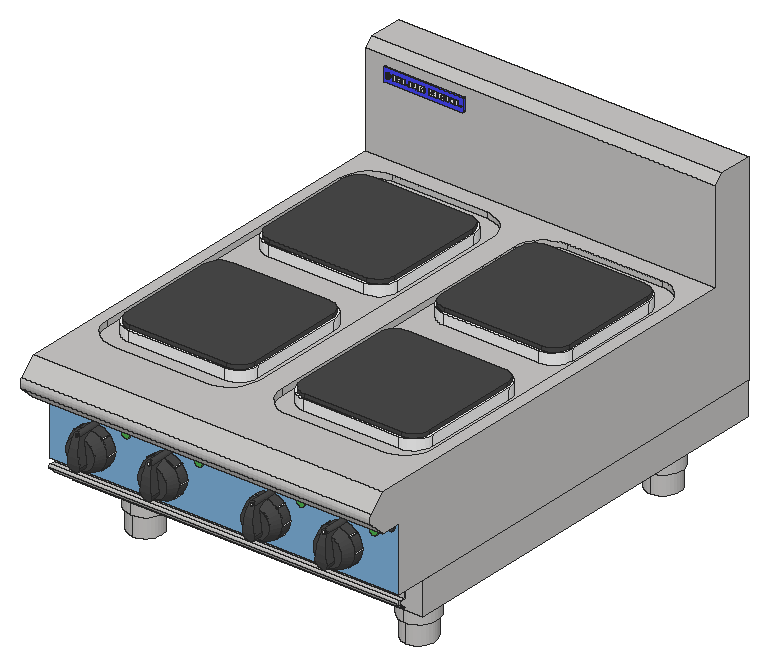
Revit family "QF_Moffat_E514S-B_Electric_Cooktop_cat", category Specialty Equipment, Revit 2019
Family settings
  Round Connector Dimension = Use Diameter
  Part Type = Normal
  Work Plane-Based = No
  Always vertical = Yes
  Cut with Voids When Loaded = No
  Shared = No
  Room Calculation Point = No
Parameters (values of type "E514S-B")
  Weight in Kilograms = 74
  Watts = 8800 W
  Volts = 400 V
  URL Cutsheet = ""
  Specification by User = ""
  Specification by Manufacturer = ""
  Show Logo [instance] = yes
  Serial Number = ""
  Seismic Rating = ""
  SMACNA No = ""
  Revision Code = ""
  Phase = 2
  Number of Poles = 1
  NAFEM Spec ID Number = ""
  Model = "E514S-B"
  Min Ckt Ampacity = 0 A
  Max Overcurrent Protection = 0 A
  Masterspec = ""
  Manufacturer = "Moffat"
  Length = 600 mm
  Item Number = ""
  Installed By = ""
  Identify Quantity as Lot = yes
  Height = 485 mm
  HP = ""
  Furnished By = ""
  Foodservice Equipment Identifier = yes
  FL Amps = 22 A
  Electrical Remarks = ""
  Electric Connection Type = ""
  Elec Conn RI Height = 0 mm
  Elec Conn Connection Height = 0 mm
  Description = "Electric Cooktop"
  Depth = 812.2 mm
  Cycle = 50 Hz
  Conn Plug = ""
  Conn Conduit = yes
  CSI MasterFormat = ""
  Apparent Power = if(Phase = 3, Volts * FL Amps * 1.73, Volts * FL Amps)  # 8800 VA
Reference planes
  plane 1 "BACK": y = 0
  plane 2: z = 0
  plane 3 "LEFT": x = 0
  plane 4 "RIGHT": x = 600
  plane 5 "FRONT": y = -812.2
  plane 6 "TOP": z = 485
  plane 7 "Center Y": x = 300
  plane 8 "Center X": y = -406.1
  plane 9: x = 65.5
  plane 10: x = 87.5
  plane 11: x = 211.766
  plane 12: y = -30
  plane 13: x = 470
  plane 14: x = 512.5
  plane 15: x = 388.234
  plane 16: x = 534.5
Forms (mm)
  Extrusion 1, solid, material "QF_Metal_Stainless_Polished"
    sketch origin (0, 0, 0) x (0, 1, 0) y (0, 0, 1)
      loop
        line (0, 140) -> (0, 485) -> (-57, 485) -> (-70, 472) -> (-70, 314.5) -> (-784.171, 314.5) -> (-808.685, 289.985)
        arc (-808.685, 289.985) -> (-812.2, 281.5) -> (-808.685, 273.015) r 12
        line (-808.685, 273.015) -> (-785.171, 249.5) -> (-749, 249.5) -> (-749, 140) -> (0, 140)
    from 0 to 600
  Extrusion 2, void
    sketch origin (0, -783.97, 314.5) x (0, 1, 0) y (-1, 0, 0)
      loop
        arc (683.77, -69) -> (669.125, -33.645) -> (633.77, -19) r 50
        line (633.77, -19) -> (133.569, -19)
        arc (133.569, -19) -> (98.214, -33.645) -> (83.569, -69) r 50
        line (83.569, -69) -> (83.569, -231)
        arc (83.569, -231) -> (98.214, -266.355) -> (133.569, -281) r 50
        line (133.569, -281) -> (633.77, -281)
        arc (633.77, -281) -> (669.125, -266.355) -> (683.77, -231) r 50
        line (683.77, -231) -> (683.77, -69)
      loop
        line (683.77, -531) -> (683.77, -369)
        arc (683.77, -369) -> (669.125, -333.645) -> (633.77, -319) r 50
        line (633.77, -319) -> (133.569, -319)
        arc (133.569, -319) -> (98.214, -333.645) -> (83.569, -369) r 50
        line (83.569, -369) -> (83.569, -531)
        arc (83.569, -531) -> (98.214, -566.355) -> (133.569, -581) r 50
        line (133.569, -581) -> (633.77, -581)
        arc (633.77, -581) -> (669.125, -566.355) -> (683.77, -531) r 50
    from 0 to -9.5
  Extrusion 3, solid, material "QF_Plastic_White_Smooth"
    sketch origin (0, -783.97, 305) x (0, 1, 0) y (-1, 0, 0)
      loop
        arc (647.77, -68) -> (638.397, -45.373) -> (615.77, -36) r 32
        line (615.77, -36) -> (451.569, -36)
        arc (451.569, -36) -> (428.942, -45.373) -> (419.569, -68) r 32
        line (419.569, -68) -> (419.569, -232)
        arc (419.569, -232) -> (428.942, -254.627) -> (451.569, -264) r 32
        line (451.569, -264) -> (615.77, -264)
        arc (615.77, -264) -> (638.397, -254.627) -> (647.77, -232) r 32
        line (647.77, -232) -> (647.77, -68)
      loop
        arc (347.569, -68) -> (338.197, -45.373) -> (315.569, -36) r 32
        line (315.569, -36) -> (151.569, -36)
        arc (151.569, -36) -> (128.942, -45.373) -> (119.569, -68) r 32
        line (119.569, -68) -> (119.569, -232)
        arc (119.569, -232) -> (128.942, -254.627) -> (151.569, -264) r 32
        line (151.569, -264) -> (315.569, -264)
        arc (315.569, -264) -> (338.197, -254.627) -> (347.569, -232) r 32
        line (347.569, -232) -> (347.569, -68)
      loop
        arc (647.77, -368) -> (638.397, -345.373) -> (615.77, -336) r 32
        line (615.77, -336) -> (451.77, -336)
        arc (451.77, -336) -> (429.143, -345.373) -> (419.77, -368) r 32
        line (419.77, -368) -> (419.77, -532)
        arc (419.77, -532) -> (429.143, -554.627) -> (451.77, -564) r 32
        line (451.77, -564) -> (615.77, -564)
        arc (615.77, -564) -> (638.397, -554.627) -> (647.77, -532) r 32
        line (647.77, -532) -> (647.77, -368)
      loop
        arc (347.77, -368) -> (338.397, -345.373) -> (315.77, -336) r 32
        line (315.77, -336) -> (151.569, -336)
        arc (151.569, -336) -> (128.942, -345.373) -> (119.569, -368) r 32
        line (119.569, -368) -> (119.569, -532)
        arc (119.569, -532) -> (128.942, -554.627) -> (151.569, -564) r 32
        line (151.569, -564) -> (315.77, -564)
        arc (315.77, -564) -> (338.397, -554.627) -> (347.77, -532) r 32
        line (347.77, -532) -> (347.77, -368)
    from 0 to 17.8
  Extrusion 4, solid, material "QF_Plastic_Black_Smooth"
    sketch origin (0, -783.97, 322.8) x (0, 1, 0) y (-1, 0, 0)
      loop
        arc (643.77, -67) -> (635.862, -47.908) -> (616.77, -40) r 27
        line (616.77, -40) -> (450.569, -40)
        arc (450.569, -40) -> (431.478, -47.908) -> (423.569, -67) r 27
        line (423.569, -67) -> (423.569, -233)
        arc (423.569, -233) -> (431.478, -252.092) -> (450.569, -260) r 27
        line (450.569, -260) -> (616.77, -260)
        arc (616.77, -260) -> (635.862, -252.092) -> (643.77, -233) r 27
        line (643.77, -233) -> (643.77, -67)
      loop
        arc (343.569, -67) -> (335.661, -47.908) -> (316.569, -40) r 27
        line (316.569, -40) -> (150.569, -40)
        arc (150.569, -40) -> (131.478, -47.908) -> (123.569, -67) r 27
        line (123.569, -67) -> (123.569, -233)
        arc (123.569, -233) -> (131.478, -252.092) -> (150.569, -260) r 27
        line (150.569, -260) -> (316.569, -260)
        arc (316.569, -260) -> (335.661, -252.092) -> (343.569, -233) r 27
        line (343.569, -233) -> (343.569, -67)
      loop
        line (643.77, -533) -> (643.77, -367)
        arc (643.77, -367) -> (635.862, -347.908) -> (616.77, -340) r 27
        line (616.77, -340) -> (450.569, -340)
        arc (450.569, -340) -> (431.478, -347.908) -> (423.569, -367) r 27
        line (423.569, -367) -> (423.569, -533)
        arc (423.569, -533) -> (431.478, -552.092) -> (450.569, -560) r 27
        line (450.569, -560) -> (616.77, -560)
        arc (616.77, -560) -> (635.862, -552.092) -> (643.77, -533) r 27
      loop
        line (343.569, -533) -> (343.569, -367)
        arc (343.569, -367) -> (335.661, -347.908) -> (316.569, -340) r 27
        line (316.569, -340) -> (150.569, -340)
        arc (150.569, -340) -> (131.478, -347.908) -> (123.569, -367) r 27
        line (123.569, -367) -> (123.569, -533)
        arc (123.569, -533) -> (131.478, -552.092) -> (150.569, -560) r 27
        line (150.569, -560) -> (316.569, -560)
        arc (316.569, -560) -> (335.661, -552.092) -> (343.569, -533) r 27
    from 0 to 6.1
  Extrusion 5, solid, material "QF_Metal_Stainless_Polished"
    sketch origin (0, 0, 0) x (0, 1, 0) y (0, 0, 1)
      loop
        line (-699, 85) -> (0, 85) -> (0, 140) -> (-699, 140) -> (-699, 85)
    from 0 to 600
  Extrusion 6, solid, material "QF_Metal_Stainless_Polished"
    sketch origin (0, 0, 0) x (0, 1, 0) y (0, 0, 1)
      loop
        line (-737.8, 140) -> (-737.8, 130) -> (-747.305, 130)
        arc (-747.305, 130) -> (-750.276, 128.015) -> (-749.579, 124.511) r 3.215
        line (-749.579, 124.511) -> (-739.05, 113.982) -> (-737.919, 115.113) -> (-748.447, 125.642)
        arc (-748.447, 125.642) -> (-748.797, 127.403) -> (-747.305, 128.4) r 1.615
        line (-747.305, 128.4) -> (-736.2, 128.4) -> (-736.2, 140) -> (-737.8, 140)
    from 0 to 600
  Extrusion 7, solid, material "QF_Metal_Stainless_Polished"
    sketch origin (300, 175.397, 1219.2) x (0, 1, 0) y (0, 0, 1)
      loop
        line (-874.397, -1109.2) -> (-896.434, -1109.2)
        arc (-896.434, -1109.2) -> (-898.034, -1110.8) -> (-896.434, -1112.4) r 1.6
        line (-896.434, -1112.4) -> (-874.397, -1112.4) -> (-874.397, -1109.2)
    from -250 to 250
  Extrusion 8, solid, material "QF_Paint_Green"
    sketch origin (0, -749, 140) x (0, 0, 1) y (-1, 0, 0)
      loop
        circle (84.8, -432.5) r 7.15
      loop
        circle (84.8, -557.5) r 7.15
      loop
        circle (84.8, -131.766) r 7.15
      loop
        circle (84.8, -256.766) r 7.15
    from 0 to 1.6
  Extrusion 9, solid, material "QF_Plastic_Black_Smooth"
    sketch origin (0, -749, 140) x (0, 0, 1) y (-1, 0, 0)
      loop
        circle (99.343, -13.157) r 5
      loop
        circle (99.343, -586.843) r 5
      loop
        circle (99.343, -87.5) r 5
      loop
        circle (99.343, -211.766) r 5
      loop
        circle (99.343, -388.234) r 5
      loop
        circle (99.343, -512.5) r 5
    from 0 to 1.6
  Extrusion 10, solid, material "QF_Metal_Stainless_Polished"
    sketch origin (-30, -697, 85) x (1, 0, 0) y (0, -1, 0)
      loop
        circle (500, -667) r 6.35
    from 0 to 1.6
Cuts and joins
  Extrusion 2 cuts Extrusion 1
Lines and regions (mm)
  symbolic lines
    curve 1: line (0, 0, 0) -> (600, 0, 0)
    curve 2: line (0, -812.2, 0) -> (0, 0, 0)
    curve 3: line (600, -812.2, 0) -> (0, -812.2, 0)
    curve 4: line (600, 0, 0) -> (600, -812.2, 0)
    curve 5: line (0, -784.171, 0) -> (600, -784.171, 0)
    curve 6: arc (69, -700.2, 0) -> (33.645, -685.555, 0) -> (19, -650.2, 0) r 50
    curve 7: line (19, -650.2, 0) -> (19, -148.2, 0)
    curve 8: arc (19, -148.2, 0) -> (33.645, -112.845, 0) -> (69, -98.2, 0) r 50
    curve 9: line (69, -98.2, 0) -> (231, -98.2, 0)
    curve 10: arc (231, -98.2, 0) -> (266.355, -112.845, 0) -> (281, -148.2, 0) r 50
    curve 11: line (281, -148.2, 0) -> (281, -650.2, 0)
    curve 12: arc (281, -650.2, 0) -> (266.355, -685.555, 0) -> (231, -700.2, 0) r 50
    curve 13: line (231, -700.2, 0) -> (69, -700.2, 0)
    curve 14: arc (369, -700.2, 0) -> (333.645, -685.555, 0) -> (319, -650.2, 0) r 50
    curve 15: line (319, -650.2, 0) -> (319, -148.2, 0)
    curve 16: arc (319, -148.2, 0) -> (333.645, -112.845, 0) -> (369, -98.2, 0) r 50
    curve 17: line (369, -98.2, 0) -> (531, -98.2, 0)
    curve 18: arc (531, -98.2, 0) -> (566.355, -112.845, 0) -> (581, -148.2, 0) r 50
    curve 19: line (581, -148.2, 0) -> (581, -650.2, 0)
    curve 20: arc (581, -650.2, 0) -> (566.355, -685.555, 0) -> (531, -700.2, 0) r 50
    curve 21: line (531, -700.2, 0) -> (369, -700.2, 0)
    curve 22: arc (232, -664.2, 0) -> (254.627, -654.827, 0) -> (264, -632.2, 0) r 32
    curve 23: line (264, -632.2, 0) -> (264, -468.2, 0)
    curve 24: arc (264, -468.2, 0) -> (254.627, -445.573, 0) -> (232, -436.2, 0) r 32
    curve 25: line (232, -436.2, 0) -> (68, -436.2, 0)
    curve 26: arc (68, -436.2, 0) -> (45.373, -445.573, 0) -> (36, -468.2, 0) r 32
    curve 27: line (36, -468.2, 0) -> (36, -632.2, 0)
    curve 28: arc (36, -632.2, 0) -> (45.373, -654.827, 0) -> (68, -664.2, 0) r 32
    curve 29: line (68, -664.2, 0) -> (232, -664.2, 0)
    curve 30: arc (233, -660.2, 0) -> (252.092, -652.292, 0) -> (260, -633.2, 0) r 27
    curve 31: line (260, -633.2, 0) -> (260, -467.2, 0)
    curve 32: arc (260, -467.2, 0) -> (252.092, -448.108, 0) -> (233, -440.2, 0) r 27
    curve 33: line (233, -440.2, 0) -> (67, -440.2, 0)
    curve 34: arc (67, -440.2, 0) -> (47.908, -448.108, 0) -> (40, -467.2, 0) r 27
    curve 35: line (40, -467.2, 0) -> (40, -633.2, 0)
    curve 36: arc (40, -633.2, 0) -> (47.908, -652.292, 0) -> (67, -660.2, 0) r 27
    curve 37: line (67, -660.2, 0) -> (233, -660.2, 0)
    curve 38: arc (336, -632.2, 0) -> (345.373, -654.827, 0) -> (368, -664.2, 0) r 32
    curve 39: line (368, -664.2, 0) -> (532, -664.2, 0)
    curve 40: arc (532, -664.2, 0) -> (554.627, -654.827, 0) -> (564, -632.2, 0) r 32
    curve 41: line (564, -632.2, 0) -> (564, -468.2, 0)
    curve 42: arc (564, -468.2, 0) -> (554.627, -445.573, 0) -> (532, -436.2, 0) r 32
    curve 43: line (532, -436.2, 0) -> (368, -436.2, 0)
    curve 44: arc (368, -436.2, 0) -> (345.373, -445.573, 0) -> (336, -468.2, 0) r 32
    curve 45: line (336, -468.2, 0) -> (336, -632.2, 0)
    curve 46: arc (340, -633.2, 0) -> (347.908, -652.292, 0) -> (367, -660.2, 0) r 27
    curve 47: line (367, -660.2, 0) -> (533, -660.2, 0)
    curve 48: arc (533, -660.2, 0) -> (552.092, -652.292, 0) -> (560, -633.2, 0) r 27
    curve 49: line (560, -633.2, 0) -> (560, -467.2, 0)
    curve 50: arc (560, -467.2, 0) -> (552.092, -448.108, 0) -> (533, -440.2, 0) r 27
    curve 51: line (533, -440.2, 0) -> (367, -440.2, 0)
    curve 52: arc (367, -440.2, 0) -> (347.908, -448.108, 0) -> (340, -467.2, 0) r 27
    curve 53: line (340, -467.2, 0) -> (340, -633.2, 0)
    curve 54: arc (340, -333.2, 0) -> (347.908, -352.292, 0) -> (367, -360.2, 0) r 27
    curve 55: line (367, -360.2, 0) -> (533, -360.2, 0)
    curve 56: arc (533, -360.2, 0) -> (552.092, -352.292, 0) -> (560, -333.2, 0) r 27
    curve 57: line (560, -333.2, 0) -> (560, -165.2, 0)
    curve 58: arc (560, -165.2, 0) -> (552.092, -146.108, 0) -> (533, -138.2, 0) r 27
    curve 59: line (533, -138.2, 0) -> (367, -138.2, 0)
    curve 60: arc (367, -138.2, 0) -> (347.908, -146.108, 0) -> (340, -165.2, 0) r 27
    curve 61: line (340, -165.2, 0) -> (340, -333.2, 0)
    curve 62: arc (336, -332.2, 0) -> (345.373, -354.827, 0) -> (368, -364.2, 0) r 32
    curve 63: line (368, -364.2, 0) -> (532, -364.2, 0)
    curve 64: arc (532, -364.2, 0) -> (554.627, -354.827, 0) -> (564, -332.2, 0) r 32
    curve 65: line (564, -332.2, 0) -> (564, -166.2, 0)
    curve 66: arc (564, -166.2, 0) -> (554.627, -143.573, 0) -> (532, -134.2, 0) r 32
    curve 67: line (532, -134.2, 0) -> (368, -134.2, 0)
    curve 68: arc (368, -134.2, 0) -> (345.373, -143.573, 0) -> (336, -166.2, 0) r 32
    curve 69: line (336, -166.2, 0) -> (336, -332.2, 0)
    curve 70: arc (232, -364.2, 0) -> (254.627, -354.827, 0) -> (264, -332.2, 0) r 32
    curve 71: line (264, -332.2, 0) -> (264, -166.2, 0)
    curve 72: arc (264, -166.2, 0) -> (254.627, -143.573, 0) -> (232, -134.2, 0) r 32
    curve 73: line (232, -134.2, 0) -> (68, -134.2, 0)
    curve 74: arc (68, -134.2, 0) -> (45.373, -143.573, 0) -> (36, -166.2, 0) r 32
    curve 75: line (36, -166.2, 0) -> (36, -332.2, 0)
    curve 76: arc (36, -332.2, 0) -> (45.373, -354.827, 0) -> (68, -364.2, 0) r 32
    curve 77: line (68, -364.2, 0) -> (232, -364.2, 0)
    curve 78: arc (233, -360.2, 0) -> (252.092, -352.292, 0) -> (260, -333.2, 0) r 27
    curve 79: line (260, -333.2, 0) -> (260, -165.2, 0)
    curve 80: arc (260, -165.2, 0) -> (252.092, -146.108, 0) -> (233, -138.2, 0) r 27
    curve 81: line (233, -138.2, 0) -> (67, -138.2, 0)
    curve 82: arc (67, -138.2, 0) -> (47.908, -146.108, 0) -> (40, -165.2, 0) r 27
    curve 83: line (40, -165.2, 0) -> (40, -333.2, 0)
    curve 84: arc (40, -333.2, 0) -> (47.908, -352.292, 0) -> (67, -360.2, 0) r 27
    curve 85: line (67, -360.2, 0) -> (233, -360.2, 0)
    curve 86: line (0, -70, 0) -> (600, -70, 0)
    curve 87: line (0, -57, 0) -> (600, -57, 0)
Dimensions and locks
  equal spacing: plane 3 "LEFT", plane 7 "Center Y", plane 4 "RIGHT"
  "Length": plane 3 "LEFT" to plane 4 "RIGHT"
  equal spacing: plane 5 "FRONT", plane 8 "Center X", plane 1 "BACK"
  "Depth": plane 5 "FRONT" to plane 1 "BACK"
  "Height": plane 6 "TOP" to level
  plane 4 "RIGHT" to plane 3 "LEFT" = 600 mm
  plane 1 "BACK" to cut or joined group of Extrusion 1, Extrusion 2 = 70 mm
  plane 1 "BACK" to plane 5 "FRONT" = 812.2 mm
  plane 6 "TOP" to plane 2 = 485 mm
  cut or joined group of Extrusion 1, Extrusion 2 to plane 2 = 314.5 mm
  plane 2 to Extrusion 5 = 85 mm
  plane 1 "BACK" to nested 5 = 100 mm
  nested 5 to nested 1 = 525 mm
  plane 13 to plane 4 "RIGHT" = 130 mm
  plane 9 to plane 16 = 469 mm
  plane 1 "BACK" to plane 12 = 30 mm
  aligned and locked: level to plane 2
Automatic sketch dimensions
  Extrusion 1 sketch curve to plane 6 "TOP" = 0 mm
  Extrusion 1 sketch curve to plane 1 "BACK" = 0 mm
  plane 1 "BACK" to Extrusion 1 sketch curve = 57 mm
  Extrusion 1 sketch curve to plane 6 "TOP" = 13 mm
  Extrusion 1 sketch curve to Extrusion 1 sketch curve = 13 mm
  Extrusion 1 sketch curve to plane 5 "FRONT" = 63.2 mm
  Extrusion 1 sketch curve to plane 5 "FRONT" = 28.029 mm
  Extrusion 1 sketch curve to plane 5 "FRONT" = 27.029 mm
  Extrusion 1 sketch curve to plane 5 "FRONT" = 12 mm
  Extrusion 1 sketch curve to plane 5 "FRONT" = 3.515 mm  (x2)
  Extrusion 1 sketch curve to plane 6 "TOP" = 170.5 mm
  Extrusion 1 sketch curve to Extrusion 1 sketch curve = 24.515 mm
  Extrusion 1 sketch curve to Extrusion 1 sketch curve = 8.485 mm
  Extrusion 1 sketch curve to Extrusion 1 sketch curve = 32 mm
  level to Extrusion 1 sketch curve = 140 mm
  Extrusion 3 sketch curve to Extrusion 2 = 36 mm  (x2)
  Extrusion 3 sketch curve to Extrusion 2 = 17 mm  (x6)
  Extrusion 3 sketch curve to Extrusion 3 sketch curve = 32 mm  (x11)
  Extrusion 3 sketch curve to Extrusion 2 = 49 mm  (x5)
  Extrusion 3 sketch curve to Extrusion 3 sketch curve = 164 mm
  Extrusion 3 sketch curve to Extrusion 3 sketch curve = 72 mm
  Extrusion 3 sketch curve to Extrusion 2 = 68 mm  (x4)
  Extrusion 5 sketch curve to plane 1 "BACK" = 0 mm
  Extrusion 5 sketch curve to plane 5 "FRONT" = 113.2 mm
  level to Extrusion 5 sketch curve = 85 mm
  Extrusion 5 sketch curve to Extrusion 5 sketch curve = 55 mm
  Extrusion 6 sketch curve to Extrusion 6 sketch curve = 0 mm  (x2)
  Extrusion 6 sketch curve to plane 5 "FRONT" = 62.621 mm
  Extrusion 6 sketch curve to Extrusion 6 sketch curve = 1.131 mm  (x3)
  Extrusion 6 sketch curve to Extrusion 6 sketch curve = 1.142 mm  (x2)
  Extrusion 6 sketch curve to Extrusion 6 sketch curve = 10.529 mm
  Extrusion 6 sketch curve to Extrusion 6 sketch curve = 9.505 mm
  Extrusion 6 sketch curve to Extrusion 6 sketch curve = 1.6 mm
  level to Extrusion 6 sketch curve = 113.982 mm
  Extrusion 6 sketch curve to Extrusion 6 sketch curve = 10 mm
  Extrusion 10 sketch curve to Extrusion 5 = 30 mm
  Extrusion 10 sketch curve to Extrusion 5 = 130 mm
  Extrusion 7 sketch curve to plane 5 "FRONT" = 91.163 mm
  Extrusion 7 sketch curve to Extrusion 7 sketch curve = 22.037 mm
  level to Extrusion 7 sketch curve = 106.8 mm
  Extrusion 7 sketch curve to Extrusion 7 sketch curve = 1.6 mm
  Extrusion 1 to Extrusion 8 sketch curve = 24.7 mm  (x4)
  Extrusion 1 to Extrusion 8 sketch curve = 42.5 mm
  Extrusion 8 sketch curve to Extrusion 8 sketch curve = 125 mm  (x2)
  Extrusion 8 sketch curve to Extrusion 8 sketch curve = 175.734 mm
  Extrusion 2 sketch curve to Extrusion 1 = 83.77 mm  (x2)
  Extrusion 1 to Extrusion 2 sketch curve = 19 mm
  Extrusion 2 sketch curve to Extrusion 2 sketch curve = 50 mm  (x4)
  Extrusion 1 to Extrusion 2 sketch curve = 80.2 mm  (x3)
  Extrusion 2 sketch curve to Extrusion 2 sketch curve = 0 mm
  Extrusion 1 to Extrusion 2 sketch curve = 30.2 mm  (x2)
  Extrusion 2 sketch curve to Extrusion 2 sketch curve = 162 mm
  Extrusion 2 sketch curve to Extrusion 2 sketch curve = 38 mm
  Extrusion 1 to Extrusion 2 sketch curve = 69 mm
  Extrusion 3 sketch curve to Extrusion 2 = 264 mm
  Extrusion 3 sketch curve to Extrusion 3 sketch curve = 104 mm
  Extrusion 4 sketch curve to Extrusion 3 = 4 mm  (x15)
  Extrusion 4 sketch curve to Extrusion 4 sketch curve = 27 mm  (x6)
  Extrusion 4 sketch curve to Extrusion 3 = 31 mm  (x11)
  curve 3 to plane 3 "LEFT" = 0 mm
  curve 3 to plane 4 "RIGHT" = 0 mm
  plane 1 "BACK" to curve 2 = 0 mm
  curve 4 to plane 5 "FRONT" = 0 mm
  curve 2 to curve 5 = 28.029 mm
  plane 3 "LEFT" to curve 7 = 19 mm
  curve 6 to plane 9 = 3.5 mm
  curve 9 to plane 9 = 3.5 mm
  plane 11 to curve 12 = 19.234 mm
  plane 11 to curve 9 = 19.234 mm
  curve 11 to plane 7 "Center Y" = 19 mm
  curve 13 to plane 5 "FRONT" = 112 mm
  plane 12 to curve 8 = 118.2 mm
  plane 7 "Center Y" to curve 15 = 19 mm
  plane 15 to curve 14 = 19.234 mm
  plane 15 to curve 17 = 19.234 mm
  curve 20 to plane 16 = 3.5 mm
  curve 17 to plane 16 = 3.5 mm
  plane 4 "RIGHT" to curve 19 = 19 mm
  curve 5 to curve 21 = 83.971 mm
  plane 12 to curve 19 = 118.2 mm
  curve 7 to curve 27 = 17 mm
  curve 28 to plane 9 = 2.5 mm
  curve 25 to plane 9 = 2.5 mm
  plane 11 to curve 25 = 20.234 mm
  curve 12 to curve 29 = 1 mm
  curve 23 to curve 11 = 17 mm
  curve 29 to curve 12 = 14 mm
  curve 26 to plane 8 "Center X" = 62.1 mm
  curve 28 to curve 35 = 4 mm
  curve 34 to curve 26 = 1 mm
  curve 36 to curve 28 = 1 mm
  curve 22 to curve 37 = 1 mm
  curve 24 to curve 32 = 1 mm
  curve 31 to curve 23 = 4 mm
  curve 22 to curve 37 = 4 mm
  curve 26 to curve 34 = 1 mm
  plane 7 "Center Y" to curve 45 = 36 mm
  curve 38 to curve 14 = 1 mm
  plane 15 to curve 44 = 20.234 mm
  curve 42 to plane 16 = 2.5 mm
  curve 39 to plane 16 = 2.5 mm
  curve 41 to curve 19 = 17 mm
  curve 39 to curve 14 = 14 mm
  curve 41 to plane 8 "Center X" = 62.1 mm
  curve 38 to curve 53 = 4 mm
  curve 46 to curve 38 = 1 mm
  curve 51 to curve 44 = 1 mm
  curve 42 to curve 50 = 1 mm
  curve 40 to curve 48 = 1 mm
  curve 49 to curve 41 = 4 mm
  curve 39 to curve 47 = 4 mm
  curve 41 to curve 49 = 1 mm
  curve 16 to curve 61 = 21 mm
  curve 59 to curve 16 = 2 mm
  plane 15 to curve 54 = 21.234 mm
  curve 59 to plane 16 = 1.5 mm
  curve 56 to plane 16 = 1.5 mm
  plane 16 to curve 57 = 25.5 mm
  plane 8 "Center X" to curve 55 = 45.9 mm
  curve 57 to curve 18 = 17 mm
  curve 69 to curve 61 = 4 mm
  curve 54 to curve 63 = 1 mm
  curve 60 to curve 67 = 1 mm
  curve 66 to curve 58 = 1 mm
  curve 64 to curve 56 = 1 mm
  curve 57 to curve 65 = 4 mm
  curve 63 to curve 56 = 4 mm
  curve 68 to curve 60 = 1 mm
  plane 9 to curve 75 = 29.5 mm
  curve 73 to plane 9 = 2.5 mm
  curve 76 to plane 9 = 2.5 mm
  curve 10 to curve 72 = 1 mm
  plane 11 to curve 77 = 20.234 mm
  curve 71 to curve 10 = 17 mm
  plane 8 "Center X" to curve 77 = 41.9 mm
  curve 71 to curve 10 = 18 mm
  curve 74 to curve 83 = 4 mm
  curve 81 to plane 9 = 1.5 mm
  curve 84 to curve 76 = 1 mm
  curve 72 to curve 81 = 1 mm
  curve 70 to curve 78 = 1 mm
  curve 79 to curve 70 = 4 mm
  curve 76 to curve 85 = 4 mm
  curve 74 to curve 82 = 1 mm
  plane 12 to curve 86 = 40 mm
  curve 86 to curve 87 = 13 mm
  Extrusion 1 to Extrusion 9 sketch curve = 10.157 mm  (x6)
  Extrusion 1 to Extrusion 9 sketch curve = 13.157 mm  (x2)
  Extrusion 9 sketch curve to Extrusion 9 sketch curve = 74.343 mm
  Extrusion 9 sketch curve to Extrusion 9 sketch curve = 124.266 mm
  Extrusion 9 sketch curve to Extrusion 9 sketch curve = 176.469 mm
  Extrusion 1 to Extrusion 9 sketch curve = 87.5 mm
  radius of Extrusion 10 sketch curve = 6.35 mm
  radius of Extrusion 8 sketch curve = 7.15 mm  (x4)
  radius of Extrusion 9 sketch curve = 5 mm  (x6)
Nested families
  nested 1: "Small Leg" at (33.75, -593.25, 0), type "Small Leg"
  nested 2: "Small Leg" at (566.25, -593.25, 0) x (-1, 0, 0) z (0, 0, 1), type "Small Leg"
  nested 3: "Knob" at (55.003, -749, 162.803), type "Knob"
  nested 4: "Knob" at (179.269, -749, 162.803), type "Knob"
  nested 5: "Small Leg" at (33.75, -68.25, 0), type "Small Leg"
  nested 6: "Small Leg" at (566.25, -68.25, 0) x (-1, 0, 0) z (0, 0, 1), type "Small Leg"
  nested 7: "QF_LOGO_BLue Seal" at (32, -70, 433.885), visible <- "Show Logo", type "QF_LOGO_BLue Seal"
  nested 8: "Knob" at (355.738, -749, 162.803), type "Knob"
  nested 9: "Knob" at (480.003, -749, 162.803), type "Knob"
Connectors
  electrical at (470, -30, 83.4), driven by "Volts", driven by "Watts"
    settings: on Extrusion 10, index 1, voltage 400 V, apparent load 8800 VA, apparent load phase1 0 VA, apparent load phase2 0 VA, apparent load phase3 0 VA, power factor 1, load classification "Other", number of poles 1, system type 30, power factor state 1, is connector primary yes, connector utility no, sub classification motor no, connector description "Electrical Connection"
Definition of nested family "Small Leg"
  Parameters (values of type "Small Leg")
    Weight in Pounds = 0
    URL Cutsheet = ""
    Specification by User = ""
    Specification by Manufacturer = ""
    Serial Number = ""
    Seismic Rating = ""
    SMACNA No = ""
    Revision Code = ""
    NAFEM Spec ID Number = ""
    Masterspec = ""
    Length = 63.5 mm
    Item Number = ""
    Installed By = ""
    Identify Quantity as Lot = yes
    Height = 85 mm
    Furnished By = ""
    Foodservice Equipment Identifier = yes
    Depth = 63.5 mm
    CSI MasterFormat = ""
  Reference planes
    plane 1 "BACK": y = 0
    plane 2: z = 0
    plane 3 "LEFT": x = 0
    plane 4 "RIGHT": x = 63.5
    plane 5 "FRONT": y = -63.5
    plane 6 "TOP": z = 85
    plane 7 "Center Y": x = 31.75
    plane 8 "Center X": y = -31.75
  Forms (mm)
    Revolve 1, solid
      sketch origin (31.75, 175.397, 1219.2) x (0, 1, 0) y (0, 0, 1)
        loop
          line (-207.147, -1134.2) -> (-207.147, -1219.2) -> (-179.647, -1219.2) -> (-179.647, -1184.2) -> (-175.397, -1184.2) -> (-175.397, -1134.2) -> (-207.147, -1134.2)
        axis (-207.147, -1134.2) -> (-207.147, -1219.2)
      angle from 0 to 360
  Dimensions and locks
    equal spacing: plane 3 "LEFT", plane 7 "Center Y", plane 4 "RIGHT"
    "Length": plane 3 "LEFT" to plane 4 "RIGHT"
    equal spacing: plane 5 "FRONT", plane 8 "Center X", plane 1 "BACK"
    "Depth": plane 5 "FRONT" to plane 1 "BACK"
    "Height": plane 6 "TOP" to level
    plane 4 "RIGHT" to plane 3 "LEFT" = 63.5 mm
    aligned and locked: level to plane 2
  Automatic sketch dimensions
    Revolve 1 sketch curve to plane 6 "TOP" = 0 mm
    Revolve 1 sketch curve to plane 8 "Center X" = 0 mm  (x2)
    Revolve 1 sketch curve to level = 0 mm  (x2)
    Revolve 1 sketch curve to plane 1 "BACK" = 0 mm
    Revolve 1 sketch curve to Revolve 1 sketch curve = 4.25 mm
    level to Revolve 1 sketch curve = 35 mm
    Revolve 1 sketch curve to Revolve 1 sketch curve = 20 mm
Definition of nested family "Knob"
  Parameters (values of type "Knob")
    Weight in Pounds = 0
    URL Cutsheet = ""
    Specification by User = ""
    Specification by Manufacturer = ""
    Serial Number = ""
    Seismic Rating = ""
    SMACNA No = ""
    Revision Code = ""
    NAFEM Spec ID Number = ""
    Masterspec = ""
    Length = 65 mm
    Item Number = ""
    Installed By = ""
    Identify Quantity as Lot = yes
    Height = 69.5 mm
    Furnished By = ""
    Foodservice Equipment Identifier = yes
    Depth = 59 mm
    CSI MasterFormat = ""
  Reference planes
    plane 1 "BACK": y = 0
    plane 2: z = 0
    plane 3 "LEFT": x = 0
    plane 4 "RIGHT": x = 65
    plane 5 "FRONT": y = -59
    plane 6 "TOP": z = 69.5
    plane 7 "Center Y": x = 32.5
    plane 8 "Center X": y = -29.5
  Forms (mm)
    Revolve 1, solid
      sketch origin (32.5, 175.397, 1219.2) x (0, 1, 0) y (0, 0, 1)
        loop
          line (-175.397, -1186.7) -> (-219.397, -1186.7) -> (-219.397, -1211.501) -> (-202.106, -1219.2) -> (-185.397, -1219.2) -> (-185.397, -1191.7) -> (-175.397, -1191.7) -> (-175.397, -1186.7)
        axis (-219.397, -1186.7) -> (-175.397, -1186.7)
      angle from 0 to 360
    Extrusion 2, solid
      sketch origin (32.5, 175.397, 1219.2) x (0, 1, 0) y (0, 0, 1)
        loop
          line (-202.106, -1154.2) -> (-185.397, -1154.2) -> (-185.397, -1149.7) -> (-224.105, -1149.7)
          arc (-224.105, -1149.7) -> (-233.965, -1178.467) -> (-230.696, -1208.7) r 70
          line (-230.696, -1208.7) -> (-219.397, -1208.7) -> (-219.397, -1161.899) -> (-202.106, -1154.2)
      from -15 to 15
    Extrusion 3, void
      sketch origin (0, 0, 0) x (1, 0, 0) y (0, 0, 1)
        loop
          line (27.501, 64.613) -> (22.02, 20.585)
          arc (22.02, 20.585) -> (32.792, 10.488) -> (42.986, 21.169) r 10.487
          line (42.986, 21.169) -> (37.499, 64.613)
          arc (37.499, 64.613) -> (32.5, 69.5) -> (27.501, 64.613) r 5
        loop
          line (10, 72.977) -> (10, 5.625) -> (55, 5.625) -> (55, 72.977) -> (10, 72.977)
      from 6.142 to 69.687
    Extrusion 4, solid
      sketch origin (0, -34.115, -16.916) x (1, 0, 0) y (0, 0.45399, 0.891007)
        loop
          circle (32.497, 65) r 2
      from 51.525 to 53.075
    Extrusion 5, solid
      sketch origin (32.5, -10, 32.5) x (0, 0, -1) y (-1, 0, 0)
        loop
          line (-23.54, -22.408) -> (-24.106, -22.974)
          arc (-24.106, -22.974) -> (-23.547, -23.547) -> (-22.974, -24.106) r 33.3
          line (-22.974, -24.106) -> (-22.408, -23.54)
          arc (-22.408, -23.54) -> (-22.981, -22.981) -> (-23.54, -22.408) r 32.5
        loop
          arc (-0.8, -33.29) -> (0, -33.3) -> (0.8, -33.29) r 33.3
          line (0.8, -33.29) -> (0.8, -32.49)
          arc (0.8, -32.49) -> (0, -32.5) -> (-0.8, -32.49) r 32.5
          line (-0.8, -32.49) -> (-0.8, -33.29)
        loop
          arc (23.54, -22.408) -> (22.981, -22.981) -> (22.408, -23.54) r 32.5
          line (22.408, -23.54) -> (22.974, -24.106)
          arc (22.974, -24.106) -> (23.547, -23.547) -> (24.106, -22.974) r 33.3
          line (24.106, -22.974) -> (23.54, -22.408)
        loop
          arc (-23.54, 22.408) -> (-22.981, 22.981) -> (-22.408, 23.54) r 32.5
          line (-22.408, 23.54) -> (-22.974, 24.106)
          arc (-22.974, 24.106) -> (-23.547, 23.547) -> (-24.106, 22.974) r 33.3
          line (-24.106, 22.974) -> (-23.54, 22.408)
        loop
          line (-0.8, 33.29) -> (-0.8, 32.49)
          arc (-0.8, 32.49) -> (0, 32.5) -> (0.8, 32.49) r 32.5
          line (0.8, 32.49) -> (0.8, 33.29)
          arc (0.8, 33.29) -> (0, 33.3) -> (-0.8, 33.29) r 33.3
        loop
          line (32.49, -0.8) -> (33.29, -0.8)
          arc (33.29, -0.8) -> (33.3, 0) -> (33.29, 0.8) r 33.3
          line (33.29, 0.8) -> (32.49, 0.8)
          arc (32.49, 0.8) -> (32.5, 0) -> (32.49, -0.8) r 32.5
        loop
          arc (24.106, 22.974) -> (23.547, 23.547) -> (22.974, 24.106) r 33.3
          line (22.974, 24.106) -> (22.408, 23.54)
          arc (22.408, 23.54) -> (22.981, 22.981) -> (23.54, 22.408) r 32.5
          line (23.54, 22.408) -> (24.106, 22.974)
      from 0 to -16.709
  Cuts and joins
    Extrusion 3 cuts Extrusion 2
  Dimensions and locks
    equal spacing: plane 3 "LEFT", plane 7 "Center Y", plane 4 "RIGHT"
    "Length": plane 3 "LEFT" to plane 4 "RIGHT"
    equal spacing: plane 5 "FRONT", plane 8 "Center X", plane 1 "BACK"
    "Depth": plane 5 "FRONT" to plane 1 "BACK"
    "Height": plane 6 "TOP" to level
    plane 4 "RIGHT" to plane 3 "LEFT" = 65 mm
    aligned and locked: level to plane 2
  Automatic sketch dimensions
    Revolve 1 sketch curve to level = 0 mm
    Revolve 1 sketch curve to plane 1 "BACK" = 0 mm  (x2)
    plane 1 "BACK" to Revolve 1 sketch curve = 10 mm
    plane 8 "Center X" to Revolve 1 sketch curve = 2.791 mm
    Revolve 1 sketch curve to plane 8 "Center X" = 14.5 mm
    level to Revolve 1 sketch curve = 7.699 mm
    level to Revolve 1 sketch curve = 27.5 mm
    Revolve 1 sketch curve to Revolve 1 sketch curve = 5 mm
    Revolve 1 sketch curve to Revolve 1 sketch curve = 35 mm
    Revolve 1 sketch curve to Revolve 1 sketch curve = 0 mm
    Extrusion 2 sketch curve to plane 6 "TOP" = 0 mm
    Extrusion 2 sketch curve to plane 5 "FRONT" = 3.702 mm
    Extrusion 2 sketch curve to plane 5 "FRONT" = 10.293 mm
    Extrusion 2 sketch curve to Extrusion 2 sketch curve = 11.298 mm
    plane 8 "Center X" to Extrusion 2 sketch curve = 2.791 mm
    plane 1 "BACK" to Extrusion 2 sketch curve = 10 mm
    Extrusion 2 sketch curve to plane 1 "BACK" = 11 mm
    Extrusion 2 sketch curve to plane 6 "TOP" = 4.5 mm
    Extrusion 2 sketch curve to plane 6 "TOP" = 12.199 mm
    level to Extrusion 2 sketch curve = 32.962 mm
    level to Extrusion 3 sketch curve = 5.625 mm
    Extrusion 3 sketch curve to plane 7 "Center Y" = 0 mm  (x2)
    Extrusion 3 sketch curve to plane 7 "Center Y" = 4.999 mm
    Extrusion 3 sketch curve to plane 7 "Center Y" = 10.48 mm
    plane 6 "TOP" to Extrusion 3 sketch curve = 3.477 mm
    plane 3 "LEFT" to Extrusion 3 sketch curve = 10 mm
    Extrusion 3 sketch curve to plane 6 "TOP" = 4.887 mm
    Extrusion 3 sketch curve to Extrusion 3 sketch curve = 4.999 mm
    plane 7 "Center Y" to Extrusion 3 sketch curve = 10.486 mm
    level to Extrusion 3 sketch curve = 20.585 mm
    Extrusion 3 sketch curve to Extrusion 3 sketch curve = 0.387 mm
    Extrusion 3 sketch curve to Extrusion 3 sketch curve = 0.113 mm
    plane 4 "RIGHT" to Extrusion 3 sketch curve = 10 mm
    Extrusion 5 sketch curve to Revolve 1 = 32.49 mm
    Revolve 1 to Extrusion 5 sketch curve = 32.49 mm
    Extrusion 5 sketch curve to Revolve 1 = 23.54 mm  (x2)
    Revolve 1 to Extrusion 5 sketch curve = 23.54 mm  (x2)
    Extrusion 5 sketch curve to Revolve 1 = 24.106 mm  (x2)
    Revolve 1 to Extrusion 5 sketch curve = 24.106 mm  (x2)
    Revolve 1 to Extrusion 5 sketch curve = 22.408 mm  (x2)
    Extrusion 5 sketch curve to Revolve 1 = 22.408 mm  (x2)
    Revolve 1 to Extrusion 5 sketch curve = 22.974 mm  (x2)
    Extrusion 5 sketch curve to Revolve 1 = 22.974 mm  (x2)
    Extrusion 5 sketch curve to Extrusion 5 sketch curve = 1.6 mm  (x2)
    Revolve 1 to Extrusion 5 sketch curve = 0.8 mm
    Extrusion 5 sketch curve to Revolve 1 = 0.8 mm
    Extrusion 4 sketch curve to plane 7 "Center Y" = 0.003 mm
    radius of Extrusion 5 sketch curve to Revolve 1 = 0 mm  (x7)
    radius of Revolve 1 to Extrusion 5 sketch curve = 0.8 mm  (x7)
    radius of Extrusion 4 sketch curve = 2 mm
Definition of nested family "QF_LOGO_BLue Seal"
  Parameters (values of type "QF_LOGO_BLue Seal")
    Weight in Pounds = 0
    URL Cutsheet = ""
    Specification by User = ""
    Specification by Manufacturer = ""
    Serial Number = ""
    Seismic Rating = ""
    SMACNA No = ""
    Revision Code = ""
    NAFEM Spec ID Number = ""
    Masterspec = ""
    Length = 138 mm
    Item Number = ""
    Installed By = ""
    Identify Quantity as Lot = yes
    Height = 23 mm
    Furnished By = ""
    Foodservice Equipment Identifier = yes
    Depth = 3.175 mm
    CSI MasterFormat = ""
  Reference planes
    plane 1 "BACK": y = 0
    plane 2: z = 0
    plane 3 "LEFT": x = 0
    plane 4 "RIGHT": x = 138
    plane 5 "FRONT": y = -3.175
    plane 6 "TOP": z = 23
    plane 7 "Center Y": x = 69
    plane 8 "Center X": y = -1.587
  Forms (mm)
    Extrusion 1, solid
      sketch origin (0, 0, 0) x (1, 0, 0) y (0, 0, 1)
        loop
          arc (2, 23) -> (0.586, 22.414) -> (0, 21) r 2
          line (0, 21) -> (0, 2)
          arc (0, 2) -> (0.586, 0.586) -> (2, 0) r 2
          line (2, 0) -> (136, 0)
          arc (136, 0) -> (137.414, 0.586) -> (138, 2) r 2
          line (138, 2) -> (138, 21)
          arc (138, 21) -> (137.414, 22.414) -> (136, 23) r 2
          line (136, 23) -> (2, 23)
        loop
          arc (16.625, 15.317) -> (15.943, 15.034) -> (15.66, 14.352) r 0.965
          line (15.66, 14.352) -> (15.66, 8.169)
          arc (15.66, 8.169) -> (15.953, 7.461) -> (16.66, 7.169) r 1
          line (16.66, 7.169) -> (27.958, 7.169)
          arc (27.958, 7.169) -> (29.995, 9.206) -> (27.958, 11.243) r 2.037
          arc (27.958, 11.243) -> (29.995, 13.28) -> (27.958, 15.317) r 2.037
          line (27.958, 15.317) -> (16.625, 15.317)
        loop
          line (21.163, 13.835) -> (21.163, 12.291) -> (23.596, 12.291)
          arc (23.596, 12.291) -> (24.368, 13.063) -> (23.596, 13.835) r 0.772
          line (23.596, 13.835) -> (21.163, 13.835)
        loop
          line (21.163, 8.544) -> (23.596, 8.544)
          arc (23.596, 8.544) -> (24.368, 9.316) -> (23.596, 10.089) r 0.772
          line (23.596, 10.089) -> (21.163, 10.089) -> (21.163, 8.544)
        loop
          arc (32.475, 15.317) -> (31.768, 15.024) -> (31.475, 14.317) r 1
          line (31.475, 14.317) -> (31.475, 8.169)
          arc (31.475, 8.169) -> (31.768, 7.461) -> (32.475, 7.169) r 1
          line (32.475, 7.169) -> (41.849, 7.169)
          arc (41.849, 7.169) -> (42.859, 8.178) -> (41.849, 9.188) r 1.01
          line (41.849, 9.188) -> (37.262, 9.188) -> (37.262, 14.317)
          arc (37.262, 14.317) -> (36.969, 15.024) -> (36.262, 15.317) r 1
          line (36.262, 15.317) -> (32.475, 15.317)
        loop
          arc (44.648, 15.317) -> (43.941, 15.024) -> (43.648, 14.317) r 1
          line (43.648, 14.317) -> (43.648, 9.124)
          arc (43.648, 9.124) -> (44.221, 7.741) -> (45.604, 7.169) r 1.956
          line (45.604, 7.169) -> (55.306, 7.169)
          arc (55.306, 7.169) -> (56.749, 7.766) -> (57.347, 9.209) r 2.04
          line (57.347, 9.209) -> (57.347, 14.358)
          arc (57.347, 14.358) -> (57.066, 15.036) -> (56.388, 15.317) r 0.959
          line (56.388, 15.317) -> (52.676, 15.317)
          arc (52.676, 15.317) -> (51.968, 15.024) -> (51.676, 14.317) r 1
          line (51.676, 14.317) -> (51.676, 10.17)
          arc (51.676, 10.17) -> (50.529, 9.024) -> (49.383, 10.17) r 1.146
          line (49.383, 10.17) -> (49.383, 14.317)
          arc (49.383, 14.317) -> (49.09, 15.024) -> (48.383, 15.317) r 1
          line (48.383, 15.317) -> (44.648, 15.317)
        loop
          arc (60.035, 15.317) -> (59.328, 15.024) -> (59.035, 14.317) r 1
          line (59.035, 14.317) -> (59.035, 8.169)
          arc (59.035, 8.169) -> (59.328, 7.461) -> (60.035, 7.169) r 1
          line (60.035, 7.169) -> (69.845, 7.169)
          arc (69.845, 7.169) -> (70.828, 8.152) -> (69.845, 9.135) r 0.983
          line (69.845, 9.135) -> (65.06, 9.135) -> (65.06, 10.415) -> (69.988, 10.415)
          arc (69.988, 10.415) -> (70.828, 11.255) -> (69.988, 12.095) r 0.84
          line (69.988, 12.095) -> (65.06, 12.095) -> (65.06, 13.215) -> (69.777, 13.215)
          arc (69.777, 13.215) -> (70.828, 14.266) -> (69.777, 15.317) r 1.051
          line (69.777, 15.317) -> (60.035, 15.317)
        loop
          line (77.315, 14.317) -> (77.315, 11.634)
          arc (77.315, 11.634) -> (77.608, 10.927) -> (78.315, 10.634) r 1
          line (78.315, 10.634) -> (85.957, 10.634) -> (85.957, 8.756) -> (82.871, 8.756) -> (82.871, 9.708) -> (77.315, 9.708) -> (77.315, 8.169)
          arc (77.315, 8.169) -> (77.608, 7.461) -> (78.315, 7.169) r 1
          line (78.315, 7.169) -> (90.614, 7.169)
          arc (90.614, 7.169) -> (91.321, 7.461) -> (91.614, 8.169) r 1
          line (91.614, 8.169) -> (91.614, 11.073)
          arc (91.614, 11.073) -> (91.322, 11.778) -> (90.617, 12.07) r 0.996
          line (90.617, 12.07) -> (82.871, 12.07) -> (82.871, 13.786) -> (85.957, 13.786) -> (85.957, 12.856) -> (91.614, 12.856) -> (91.614, 14.317)
          arc (91.614, 14.317) -> (91.321, 15.024) -> (90.614, 15.317) r 1
          line (90.614, 15.317) -> (78.315, 15.317)
          arc (78.315, 15.317) -> (77.608, 15.024) -> (77.315, 14.317) r 1
        loop
          arc (107.404, 15.317) -> (106.697, 15.024) -> (106.404, 14.317) r 1
          line (106.404, 14.317) -> (106.404, 8.169)
          arc (106.404, 8.169) -> (106.697, 7.461) -> (107.404, 7.169) r 1
          line (107.404, 7.169) -> (111.34, 7.169)
          arc (111.34, 7.169) -> (112.047, 7.461) -> (112.34, 8.169) r 1
          line (112.34, 8.169) -> (112.34, 9.135) -> (115.1, 9.135) -> (115.1, 8.169)
          arc (115.1, 8.169) -> (115.393, 7.461) -> (116.1, 7.169) r 1
          line (116.1, 7.169) -> (119.975, 7.169)
          arc (119.975, 7.169) -> (120.682, 7.461) -> (120.975, 8.169) r 1
          line (120.975, 8.169) -> (120.975, 14.317)
          arc (120.975, 14.317) -> (120.682, 15.024) -> (119.975, 15.317) r 1
          line (119.975, 15.317) -> (107.404, 15.317)
        loop
          arc (94.016, 15.317) -> (93.309, 15.024) -> (93.016, 14.317) r 1
          line (93.016, 14.317) -> (93.016, 8.169)
          arc (93.016, 8.169) -> (93.309, 7.461) -> (94.016, 7.169) r 1
          line (94.016, 7.169) -> (103.826, 7.169)
          arc (103.826, 7.169) -> (104.809, 8.152) -> (103.826, 9.135) r 0.983
          line (103.826, 9.135) -> (99.041, 9.135) -> (99.041, 10.415) -> (103.969, 10.415)
          arc (103.969, 10.415) -> (104.809, 11.255) -> (103.969, 12.095) r 0.84
          line (103.969, 12.095) -> (99.041, 12.095) -> (99.041, 13.215) -> (103.759, 13.215)
          arc (103.759, 13.215) -> (104.809, 14.266) -> (103.759, 15.317) r 1.051
          line (103.759, 15.317) -> (94.016, 15.317)
        loop
          line (112.34, 11.583) -> (115.1, 11.583) -> (115.1, 12.915)
          arc (115.1, 12.915) -> (114.954, 13.268) -> (114.6, 13.415) r 0.5
          line (114.6, 13.415) -> (112.84, 13.415)
          arc (112.84, 13.415) -> (112.487, 13.268) -> (112.34, 12.915) r 0.5
          line (112.34, 12.915) -> (112.34, 11.583)
        loop
          arc (123.692, 15.317) -> (122.985, 15.024) -> (122.692, 14.317) r 1
          line (122.692, 14.317) -> (122.692, 8.169)
          arc (122.692, 8.169) -> (122.985, 7.461) -> (123.692, 7.169) r 1
          line (123.692, 7.169) -> (133.067, 7.169)
          arc (133.067, 7.169) -> (134.076, 8.178) -> (133.067, 9.188) r 1.01
          line (133.067, 9.188) -> (128.479, 9.188) -> (128.479, 14.317)
          arc (128.479, 14.317) -> (128.186, 15.024) -> (127.479, 15.317) r 1
          line (127.479, 15.317) -> (123.692, 15.317)
        loop
          circle (8.135, 11.2) r 4.581
      from 0 to 3.2
    Extrusion 2, solid
      sketch origin (0, 0, 0) x (1, 0, 0) y (0, 0, 1)
        loop
          circle (8.135, 11.2) r 4.581
        loop
          line (8.289, 15.169) -> (8.289, 7.231)
          arc (8.289, 7.231) -> (12.08, 11.2) -> (8.289, 15.169) r 3.973
        loop
          arc (16.625, 15.317) -> (15.943, 15.034) -> (15.66, 14.352) r 0.965
          line (15.66, 14.352) -> (15.66, 8.169)
          arc (15.66, 8.169) -> (15.953, 7.461) -> (16.66, 7.169) r 1
          line (16.66, 7.169) -> (27.958, 7.169)
          arc (27.958, 7.169) -> (29.995, 9.206) -> (27.958, 11.243) r 2.037
          arc (27.958, 11.243) -> (29.995, 13.28) -> (27.958, 15.317) r 2.037
          line (27.958, 15.317) -> (16.625, 15.317)
        loop
          line (21.163, 12.291) -> (23.596, 12.291)
          arc (23.596, 12.291) -> (24.368, 13.063) -> (23.596, 13.835) r 0.772
          line (23.596, 13.835) -> (21.163, 13.835) -> (21.163, 12.291)
        loop
          line (23.596, 10.089) -> (21.163, 10.089) -> (21.163, 8.544) -> (23.596, 8.544)
          arc (23.596, 8.544) -> (24.368, 9.316) -> (23.596, 10.089) r 0.772
        loop
          arc (37.262, 14.317) -> (36.969, 15.024) -> (36.262, 15.317) r 1
          line (36.262, 15.317) -> (32.475, 15.317)
          arc (32.475, 15.317) -> (31.768, 15.024) -> (31.475, 14.317) r 1
          line (31.475, 14.317) -> (31.475, 8.169)
          arc (31.475, 8.169) -> (31.768, 7.461) -> (32.475, 7.169) r 1
          line (32.475, 7.169) -> (41.849, 7.169)
          arc (41.849, 7.169) -> (42.859, 8.178) -> (41.849, 9.188) r 1.01
          line (41.849, 9.188) -> (37.262, 9.188) -> (37.262, 14.317)
        loop
          arc (43.648, 9.124) -> (44.221, 7.741) -> (45.604, 7.169) r 1.956
          line (45.604, 7.169) -> (55.306, 7.169)
          arc (55.306, 7.169) -> (56.749, 7.766) -> (57.347, 9.209) r 2.04
          line (57.347, 9.209) -> (57.347, 14.358)
          arc (57.347, 14.358) -> (57.066, 15.036) -> (56.388, 15.317) r 0.959
          line (56.388, 15.317) -> (52.676, 15.317)
          arc (52.676, 15.317) -> (51.968, 15.024) -> (51.676, 14.317) r 1
          line (51.676, 14.317) -> (51.676, 10.17)
          arc (51.676, 10.17) -> (50.529, 9.024) -> (49.383, 10.17) r 1.146
          line (49.383, 10.17) -> (49.383, 14.317)
          arc (49.383, 14.317) -> (49.09, 15.024) -> (48.383, 15.317) r 1
          line (48.383, 15.317) -> (44.648, 15.317)
          arc (44.648, 15.317) -> (43.941, 15.024) -> (43.648, 14.317) r 1
          line (43.648, 14.317) -> (43.648, 9.124)
        loop
          arc (69.777, 13.215) -> (70.828, 14.266) -> (69.777, 15.317) r 1.051
          line (69.777, 15.317) -> (60.035, 15.317)
          arc (60.035, 15.317) -> (59.328, 15.024) -> (59.035, 14.317) r 1
          line (59.035, 14.317) -> (59.035, 8.169)
          arc (59.035, 8.169) -> (59.328, 7.461) -> (60.035, 7.169) r 1
          line (60.035, 7.169) -> (69.845, 7.169)
          arc (69.845, 7.169) -> (70.828, 8.152) -> (69.845, 9.135) r 0.983
          line (69.845, 9.135) -> (65.06, 9.135) -> (65.06, 10.415) -> (69.988, 10.415)
          arc (69.988, 10.415) -> (70.828, 11.255) -> (69.988, 12.095) r 0.84
          line (69.988, 12.095) -> (65.06, 12.095) -> (65.06, 13.215) -> (69.777, 13.215)
        loop
          line (82.871, 13.786) -> (85.957, 13.786) -> (85.957, 12.856) -> (91.614, 12.856) -> (91.614, 14.317)
          arc (91.614, 14.317) -> (91.321, 15.024) -> (90.614, 15.317) r 1
          line (90.614, 15.317) -> (78.315, 15.317)
          arc (78.315, 15.317) -> (77.608, 15.024) -> (77.315, 14.317) r 1
          line (77.315, 14.317) -> (77.315, 11.634)
          arc (77.315, 11.634) -> (77.608, 10.927) -> (78.315, 10.634) r 1
          line (78.315, 10.634) -> (85.957, 10.634) -> (85.957, 8.756) -> (82.871, 8.756) -> (82.871, 9.708) -> (77.315, 9.708) -> (77.315, 8.169)
          arc (77.315, 8.169) -> (77.608, 7.461) -> (78.315, 7.169) r 1
          line (78.315, 7.169) -> (90.614, 7.169)
          arc (90.614, 7.169) -> (91.321, 7.461) -> (91.614, 8.169) r 1
          line (91.614, 8.169) -> (91.614, 11.073)
          arc (91.614, 11.073) -> (91.322, 11.778) -> (90.617, 12.07) r 0.996
          line (90.617, 12.07) -> (82.871, 12.07) -> (82.871, 13.786)
        loop
          arc (103.759, 13.215) -> (104.809, 14.266) -> (103.759, 15.317) r 1.051
          line (103.759, 15.317) -> (94.016, 15.317)
          arc (94.016, 15.317) -> (93.309, 15.024) -> (93.016, 14.317) r 1
          line (93.016, 14.317) -> (93.016, 8.169)
          arc (93.016, 8.169) -> (93.309, 7.461) -> (94.016, 7.169) r 1
          line (94.016, 7.169) -> (103.826, 7.169)
          arc (103.826, 7.169) -> (104.809, 8.152) -> (103.826, 9.135) r 0.983
          line (103.826, 9.135) -> (99.041, 9.135) -> (99.041, 10.415) -> (103.969, 10.415)
          arc (103.969, 10.415) -> (104.809, 11.255) -> (103.969, 12.095) r 0.84
          line (103.969, 12.095) -> (99.041, 12.095) -> (99.041, 13.215) -> (103.759, 13.215)
        loop
          line (112.34, 12.915) -> (112.34, 11.583) -> (115.1, 11.583) -> (115.1, 12.915)
          arc (115.1, 12.915) -> (114.954, 13.268) -> (114.6, 13.415) r 0.5
          line (114.6, 13.415) -> (112.84, 13.415)
          arc (112.84, 13.415) -> (112.487, 13.268) -> (112.34, 12.915) r 0.5
        loop
          arc (119.975, 7.169) -> (120.682, 7.461) -> (120.975, 8.169) r 1
          line (120.975, 8.169) -> (120.975, 14.317)
          arc (120.975, 14.317) -> (120.682, 15.024) -> (119.975, 15.317) r 1
          line (119.975, 15.317) -> (107.404, 15.317)
          arc (107.404, 15.317) -> (106.697, 15.024) -> (106.404, 14.317) r 1
          line (106.404, 14.317) -> (106.404, 8.169)
          arc (106.404, 8.169) -> (106.697, 7.461) -> (107.404, 7.169) r 1
          line (107.404, 7.169) -> (111.34, 7.169)
          arc (111.34, 7.169) -> (112.047, 7.461) -> (112.34, 8.169) r 1
          line (112.34, 8.169) -> (112.34, 9.135) -> (115.1, 9.135) -> (115.1, 8.169)
          arc (115.1, 8.169) -> (115.393, 7.461) -> (116.1, 7.169) r 1
          line (116.1, 7.169) -> (119.975, 7.169)
        loop
          arc (122.692, 8.169) -> (122.985, 7.461) -> (123.692, 7.169) r 1
          line (123.692, 7.169) -> (133.067, 7.169)
          arc (133.067, 7.169) -> (134.076, 8.178) -> (133.067, 9.188) r 1.01
          line (133.067, 9.188) -> (128.479, 9.188) -> (128.479, 14.317)
          arc (128.479, 14.317) -> (128.186, 15.024) -> (127.479, 15.317) r 1
          line (127.479, 15.317) -> (123.692, 15.317)
          arc (123.692, 15.317) -> (122.985, 15.024) -> (122.692, 14.317) r 1
          line (122.692, 14.317) -> (122.692, 8.169)
        loop
          line (8.019, 7.227) -> (8.019, 15.172)
          arc (8.019, 15.172) -> (4.133, 11.2) -> (8.019, 7.227) r 3.973
      from 0 to 3.2
    Extrusion 3, solid
      sketch origin (0, 0, 0) x (1, 0, 0) y (0, 0, 1)
        loop
          line (8.289, 15.169) -> (8.289, 7.231)
          arc (8.289, 7.231) -> (12.08, 11.2) -> (8.289, 15.169) r 3.973
      from 0 to 3.2
    Extrusion 4, solid
      sketch origin (16.271, 0, 0) x (-1, 0, 0) y (0, 0, -1)
        loop
          arc (8.252, -15.172) -> (12.138, -11.2) -> (8.252, -7.227) r 3.973
          line (8.252, -7.227) -> (8.252, -15.172)
      from 0 to 3.2
  Dimensions and locks
    equal spacing: plane 3 "LEFT", plane 7 "Center Y", plane 4 "RIGHT"
    "Length": plane 3 "LEFT" to plane 4 "RIGHT"
    equal spacing: plane 5 "FRONT", plane 8 "Center X", plane 1 "BACK"
    "Depth": plane 5 "FRONT" to plane 1 "BACK"
    "Height": plane 6 "TOP" to level
    plane 4 "RIGHT" to plane 3 "LEFT" = 138 mm
    aligned and locked: level to plane 2
  Automatic sketch dimensions
    Extrusion 1 sketch curve to Extrusion 1 sketch curve = 0 mm  (x12)
    Extrusion 1 sketch curve to plane 3 "LEFT" = 0 mm
    Extrusion 1 sketch curve to level = 0 mm
    Extrusion 1 sketch curve to plane 6 "TOP" = 0 mm
    plane 4 "RIGHT" to Extrusion 1 sketch curve = 0 mm
    plane 3 "LEFT" to Extrusion 1 sketch curve = 2 mm
    Extrusion 1 sketch curve to Extrusion 1 sketch curve = 2 mm
    plane 3 "LEFT" to Extrusion 1 sketch curve = 8.135 mm
    Extrusion 1 sketch curve to Extrusion 1 sketch curve = 7.524 mm
    Extrusion 1 sketch curve to Extrusion 1 sketch curve = 0.965 mm
    Extrusion 1 sketch curve to Extrusion 1 sketch curve = 1 mm  (x22)
    Extrusion 1 sketch curve to Extrusion 1 sketch curve = 4.503 mm
    Extrusion 1 sketch curve to Extrusion 1 sketch curve = 2.434 mm  (x2)
    Extrusion 1 sketch curve to Extrusion 1 sketch curve = 4.362 mm
    Extrusion 1 sketch curve to Extrusion 1 sketch curve = 3.517 mm
    Extrusion 1 sketch curve to Extrusion 1 sketch curve = 3.787 mm  (x2)
    Extrusion 1 sketch curve to Extrusion 1 sketch curve = 4.787 mm
    Extrusion 1 sketch curve to Extrusion 1 sketch curve = 4.588 mm
    Extrusion 1 sketch curve to Extrusion 1 sketch curve = 1.798 mm
    Extrusion 1 sketch curve to Extrusion 1 sketch curve = 1.956 mm  (x2)
    Extrusion 1 sketch curve to Extrusion 1 sketch curve = 3.735 mm
    Extrusion 1 sketch curve to Extrusion 1 sketch curve = 3.779 mm
    Extrusion 1 sketch curve to Extrusion 1 sketch curve = 1.146 mm
    Extrusion 1 sketch curve to Extrusion 1 sketch curve = 3.631 mm
    Extrusion 1 sketch curve to Extrusion 1 sketch curve = 3.713 mm
    Extrusion 1 sketch curve to Extrusion 1 sketch curve = 0.959 mm
    Extrusion 1 sketch curve to Extrusion 1 sketch curve = 1.688 mm
    Extrusion 1 sketch curve to plane 7 "Center Y" = 3.94 mm
    plane 7 "Center Y" to Extrusion 1 sketch curve = 0.777 mm
    plane 7 "Center Y" to Extrusion 1 sketch curve = 0.845 mm
    plane 7 "Center Y" to Extrusion 1 sketch curve = 0.988 mm
    Extrusion 1 sketch curve to Extrusion 1 sketch curve = 7.327 mm
    Extrusion 1 sketch curve to Extrusion 1 sketch curve = 4.556 mm
    Extrusion 1 sketch curve to Extrusion 1 sketch curve = 3.087 mm
    Extrusion 1 sketch curve to Extrusion 1 sketch curve = 4.657 mm  (x2)
    Extrusion 1 sketch curve to Extrusion 1 sketch curve = 0.004 mm
    Extrusion 1 sketch curve to Extrusion 1 sketch curve = 0.996 mm  (x2)
    Extrusion 1 sketch curve to Extrusion 1 sketch curve = 1.402 mm
    Extrusion 1 sketch curve to Extrusion 1 sketch curve = 5.025 mm
    Extrusion 1 sketch curve to Extrusion 1 sketch curve = 4.717 mm
    Extrusion 1 sketch curve to Extrusion 1 sketch curve = 4.785 mm
    Extrusion 1 sketch curve to Extrusion 1 sketch curve = 0.211 mm
    Extrusion 1 sketch curve to Extrusion 1 sketch curve = 2.645 mm
    Extrusion 1 sketch curve to Extrusion 1 sketch curve = 3.936 mm
    Extrusion 1 sketch curve to Extrusion 1 sketch curve = 0.5 mm  (x2)
    Extrusion 1 sketch curve to Extrusion 1 sketch curve = 1.76 mm
    Extrusion 1 sketch curve to Extrusion 1 sketch curve = 2.76 mm
    Extrusion 1 sketch curve to Extrusion 1 sketch curve = 4.875 mm
    Extrusion 1 sketch curve to Extrusion 1 sketch curve = 3.875 mm
    Extrusion 1 sketch curve to Extrusion 1 sketch curve = 1.717 mm
    plane 4 "RIGHT" to Extrusion 1 sketch curve = 4.933 mm
    plane 4 "RIGHT" to Extrusion 1 sketch curve = 2 mm  (x2)
    level to Extrusion 1 sketch curve = 7.169 mm  (x5)
    Extrusion 1 sketch curve to Extrusion 1 sketch curve = 5.169 mm
    Extrusion 1 sketch curve to Extrusion 1 sketch curve = 0.983 mm  (x2)
    Extrusion 1 sketch curve to Extrusion 1 sketch curve = 1.01 mm  (x2)
    Extrusion 1 sketch curve to Extrusion 1 sketch curve = 0.376 mm
    Extrusion 1 sketch curve to Extrusion 1 sketch curve = 0.588 mm
    Extrusion 1 sketch curve to Extrusion 1 sketch curve = 0.966 mm
    Extrusion 1 sketch curve to Extrusion 1 sketch curve = 2.037 mm  (x2)
    Extrusion 1 sketch curve to Extrusion 1 sketch curve = 0.772 mm  (x2)
    Extrusion 1 sketch curve to Extrusion 1 sketch curve = 0.952 mm
    Extrusion 1 sketch curve to Extrusion 1 sketch curve = 1.046 mm
    Extrusion 1 sketch curve to Extrusion 1 sketch curve = 1.28 mm  (x2)
    Extrusion 1 sketch curve to Extrusion 1 sketch curve = 1.878 mm
    Extrusion 1 sketch curve to Extrusion 1 sketch curve = 2.905 mm
    Extrusion 1 sketch curve to Extrusion 1 sketch curve = 3.031 mm
    Extrusion 1 sketch curve to Extrusion 1 sketch curve = 0.84 mm  (x2)
    Extrusion 1 sketch curve to Extrusion 1 sketch curve = 2.448 mm
    Extrusion 1 sketch curve to Extrusion 1 sketch curve = 2.202 mm
    Extrusion 1 sketch curve to Extrusion 1 sketch curve = 0.786 mm
    Extrusion 1 sketch curve to Extrusion 1 sketch curve = 1.332 mm
    Extrusion 1 sketch curve to Extrusion 1 sketch curve = 1.12 mm  (x2)
    Extrusion 1 sketch curve to Extrusion 1 sketch curve = 1.716 mm
    Extrusion 1 sketch curve to Extrusion 1 sketch curve = 1.051 mm  (x2)
    Extrusion 1 sketch curve to Extrusion 1 sketch curve = 4.147 mm
    Extrusion 1 sketch curve to Extrusion 1 sketch curve = 5.129 mm
    Extrusion 1 sketch curve to Extrusion 1 sketch curve = 0.051 mm
    Extrusion 1 sketch curve to Extrusion 1 sketch curve = 1.037 mm
    Extrusion 1 sketch curve to Extrusion 1 sketch curve = 0.516 mm
    plane 3 "LEFT" to Extrusion 1 sketch curve = 3.555 mm
    Extrusion 2 sketch curve to Extrusion 2 sketch curve = 0 mm  (x16)
    plane 3 "LEFT" to Extrusion 2 sketch curve = 8.019 mm
